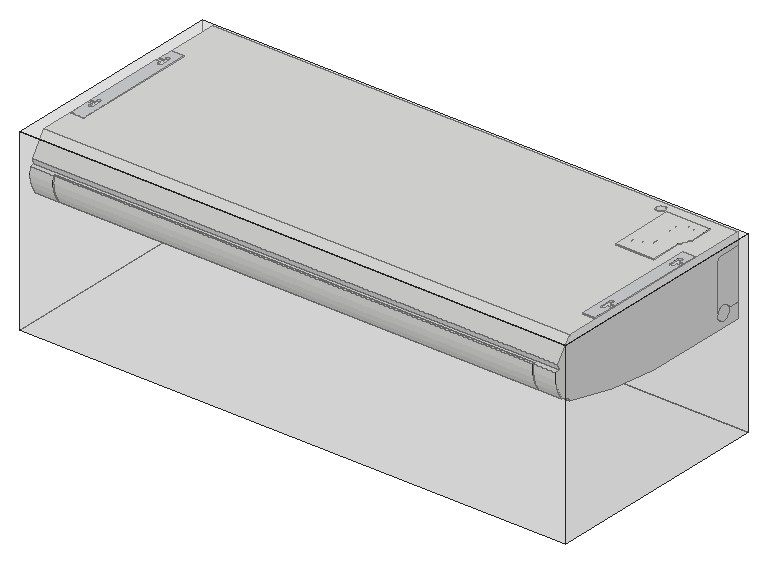
Revit family "outputfile", category 機械設備, Revit 2024
Family settings
  丸型コネクタ寸法 = 半径を使用
  パーツ タイプ = 標準
  OmniClass 番号 = 23.75.10.24.21.27.27
  OmniClass タイトル = Split System Air Conditioning Units
  作業面ベース = いいえ
  常に垂直 = はい
  ロード時にボイドで切り取り = いいえ
  注釈の向きを維持 = いいえ
  共有 = いいえ
  部屋計算ポイント = はい
Parameters (values of type "FHAS38CV2S")
  Description = ""
  製造元 = "Daikin"
  書き出し IFC クラス(タイプ) = "IfcUnitaryEquipmentType"
  定義済み IFC タイプ(タイプ) = "AIRCONDITIONINGUNIT"
  Cost = 0
  モデル = "FHAS38CV2S"
  Type Comments = ""
  Keynote = ""
  Type Image = (empty or 0)
  Assembly Code = ""
  switch_frequency = yes
  r_Liquid Pipe Size = Liquid Pipe Size / 2  # 4.75 mm
  r_Gas Pipe Size = Gas Pipe Size / 2  # 7.95 mm
  r_Drain Pipe Size = Drain Pipe Size / 2  # 10.0 mm
  l_powersupply [instance] = if(Rear Right Connection_powersupply, 29.0 mm, 175.0 mm)  # 29.0 mm
  h_mountinghole = 2.0 mm  # constant formula
  connector_voltage = Voltage_50Hz  # 220 V
  connector_powerinput = [Power Input (Cooling)]  # 0.000 kW
  connector_phase = Phase_50Hz  # 1
  angle_vertical_powersupply [instance] = if(Rear Right Connection_powersupply, 90.00°, 180.00°)  # 90.00°
  angle_vertical_drainpipe [instance] = if(or(Left Connection_drainpipe, Right Connection_drainpipe), 90.00°, if(Top Connection_drainpipe, 180.00°, -90.00°))  # -90.00°
  angle_horizontal_powersupply [instance] = if(Rear Right Connection_powersupply, 180.00°, 0.00°)  # 180.00°
  angle_horizontal_drainpipe [instance] = if(Right Connection_drainpipe, 90.00°, if(Left Connection_drainpipe, -90.00°, 0.00°))  # 0.00°
  Voltage_comment_50Hz = "220 - 240"
  Voltage_50Hz = 220 V
  URL = ""
  Top Connection_refrigerant [instance] = no
  Top Connection_powersupply [instance] = not(Rear Right Connection_powersupply)  # no
  Right Connection_refrigerant [instance] = no
  Rear Right Connection_refrigerant [instance] = yes
  Phase_50Hz = 1
  Minimum Circuit Amps_50Hz = 0.0 A
  Maximum Fuse Amps_50Hz = 0.0 A
  Material_Casing = DAIKIN_White_Casing_indoorunit
  lw_powersupply [instance] = if(Rear Right Connection_powersupply, 220.0 mm, 210.0 mm)  # 220.0 mm
  lw_mountinghole_pitch = Width - 40.0 mm  # 1550.0 mm
  lw_mountinghole = 20.0 mm  # constant formula
  lw_liquidpipe [instance] = if(Right Connection_refrigerant, 156.0 mm, if(Top Connection_refrigerant, 156.0 mm, 136.0 mm))  # 136.0 mm
  lw_gaspipe = 105.0 mm  # constant formula
  lw_drainpipe [instance] = if(Top Connection_drainpipe, 102.0 mm, if(Width = 960.0 mm, if(or(Left Connection_drainpipe, Rear Left Connection_drainpipe), 884.0 mm, 83.0 mm), if(Width = 1270.0 mm, if(or(Left Connection_drainpipe, Rear Left Connection_drainpipe), 1194.0 mm, 83.0 mm), if(Width = 1590.0 mm, if(or(Left Connection_drainpipe, Rear Left Connection_drainpipe), 1514.0 mm, 83.0 mm), 83.0 mm))))  # 83.0 mm
  lh_powersupply = 175.0 mm  # constant formula
  lh_liquidpipe [instance] = if(Rear Right Connection_refrigerant, 160.0 mm, 131.0 mm)  # 160.0 mm
  lh_gaspipe [instance] = if(Rear Right Connection_refrigerant, 150.0 mm, 91.0 mm)  # 150.0 mm
  lh_drainpipe = 197.0 mm  # constant formula
  l_antena = 1.0 mm  # constant formula
  ld_powersupply = 30.0 mm  # constant formula
  ld_mountinghole_pitch = 260.0 mm  # constant formula
  ld_mountinghole = 210.0 mm  # constant formula
  ld_liquidpipe [instance] = if(Right Connection_refrigerant, 57.0 mm, if(Top Connection_refrigerant, 189.0 mm, 221.0 mm))  # 221.0 mm
  ld_gaspipe [instance] = if(Right Connection_refrigerant, 57.0 mm, if(Top Connection_refrigerant, 163.0 mm, 214.0 mm))  # 214.0 mm
  ld_drainpipe [instance] = if(or(Left Connection_drainpipe, Right Connection_drainpipe), 57.0 mm, if(Top Connection_drainpipe, 87.0 mm, 268.0 mm))  # 268.0 mm
  l_liquidpipe_length [instance] = if(Right Connection_refrigerant, 156.0 mm, if(Top Connection_refrigerant, 131.0 mm, 220.0 mm))  # 220.0 mm
  l_gaspipe_length [instance] = if(Right Connection_refrigerant, 105.0 mm, if(Top Connection_refrigerant, 91.0 mm, 213.0 mm))  # 213.0 mm
  l_drainpipe_length [instance] = if(Right Connection_drainpipe, 83.0 mm, if(Top Connection_drainpipe, 197.0 mm, if(Left Connection_drainpipe, 76.0 mm, 267.0 mm)))  # 267.0 mm
  h*** = 0.0 mm  # constant formula
  angle_vertical [instance] = if(Right Connection_refrigerant, 90.00°, if(Top Connection_refrigerant, 180.00°, -90.00°))  # -90.00°
  angle_horizontal [instance] = if(Right Connection_refrigerant, 90.00°, 0.00°)  # 0.00°
  Width = 1590.0 mm
  Version = "ver.1.0"
  Unit Type = "Ceiling"
  Unit Mass Weight = 38.00 kg
  Unit Designation [instance] = ""
  Uniclass2015Version = "Products v1.30"
  Uniclass2015Title = "Split coil room air conditioning units"
  Uniclass2015Code = "Pr_70_65_03_86"
  Total Cooling Capacity [instance] = 0.000 kW
  Top Connection_drainpipe [instance] = no
  Sound Pressure Level_M speed (dBA) = 41
  Sound Pressure Level_L speed (dBA) = 37
  Sound Pressure Level_H speed (dBA) = 44
  Series = "SkyAir_Fan Coil Unit"
  Sensible Cooling Capacity [instance] = 0.000 kW
  Rear Right Connection_drainpipe [instance] = yes
  Rear Right Connection_powersupply [instance] = yes
  Right Connection_drainpipe [instance] = no
  Refrigerant Type = "R32"
  Power Input (Cooling) = 0.000 kW
  Option Accessory 3 [instance] = ""
  Option Accessory 2 [instance] = ""
  Option Accessory 1 [instance] = ""
  Nominal Cooling Capacity = 11.300 kW
  Minimum Airflow = 1380.00 m³/h
  Median Airflow = 1620.00 m³/h
  Maximum Airflow = 1860.00 m³/h
  Load Classification = HVAC
  Liquid Pipe Size = 9.5 mm
  Link_Nested Family [instance] = ""
  Rear Left Connection_drainpipe [instance] = no
  Left Connection_drainpipe [instance] = no
  IfcVersion = ""
  IfcExportType = "AIRCONDITIONINGUNIT"
  IfcExportAs = "IfcUnitaryEquipmentType"
  Height = 235.0 mm
  Heat Exchanger Type = "Cross Fin Coil"
  Gas Pipe Size = 15.9 mm
  Frequency_50Hz = 50 Hz
  Fan Type = "Sirocco Fan"
  Fan Drive = "Direct Drive"
  FCU Tag No. [instance] = ""
  Drain Pipe Size = 20.0 mm
  Design Supply Airflow [instance] = 0.00 m³/h
  Design Outdoor Airflow [instance] = 0.00 m³/h
  Depth = 690.0 mm
  既定の高さ = 0.0 mm
  Cooling Entering Wet Bulb Temperature [instance] = 0.00 °C
  Cooling Entering Dry Bulb Temperature [instance] = 0.00 °C
  Cooling Ambient Wet Bulb Temperature [instance] = 0.00 °C
  Cooling Ambient Dry Bulb Temperature [instance] = 0.00 °C
  Clearance visibility [instance] = yes
  Clearance Top = 5.0 mm
  Clearance Right = 30.0 mm
  Clearance Rear = 0.0 mm
  Clearance Left = 30.0 mm
  Clearance Front = 0.0 mm
  Clearance Bottom = 300.0 mm
Reference planes
  plane 1 "Back": y = 0
  plane 2: z = 0
  plane 3 "Center (Left/Right)": x = 0
  plane 4 "Center (Front/Back)": y = -1
  plane 5 "Front": y = -690
  plane 6 "Left": x = -795
  plane 7 "Right": x = 795
  plane 8 "Top": z = 0
  plane 9 "Bottom": z = -235
  plane 10: y = -690
  plane 11: x = -825
  plane 12: x = 825
  plane 13: z = 5
  plane 14: z = -535
  plane 15: y = 0
  plane 16 "lw_mountinghole": x = -775
  plane 17 "lw_mountinghole2": x = 775
  plane 18 "ld_mountinghole": y = -210
  plane 19 "ld_mountinghole2": y = -470
  plane 20 "lw_gaspipe": x = 690
  plane 21 "ld_gaspipe": y = -214
  plane 22 "lh_gaspipe": z = -150
  plane 23 "lw_liquidpipe": x = 659
  plane 24 "ld_liquidpipe": y = -221
  plane 25 "lh_liquidpipe": z = -160
  plane 26 "ld_drainpipe": y = -268
  plane 27 "lw_drainpipe": x = 712
  plane 28 "lh_drainpipe": z = -197
  plane 29 "lw_powersupply": x = 575
  plane 30 "lh_powersupply": z = -175
  plane 31 "ld_powersupply": y = -30
  plane 32: x = -725.5
  plane 33: x = 725.5
  plane 34: x = -750
  plane 35: x = 750
  plane 36: x = -2
  plane 37: x = 2
Forms (mm)
  Extrusion 1, solid, material "DAIKIN_White_Casing_indoorunit" <- "Material_Casing"
    sketch origin (0, 0, 0) x (0, 1, 0) y (0, 0, 1)
      loop
        line (-639.277, 0) -> (-680.876, -61.699) -> (-675.026, -77.772)
        arc (-675.026, -77.772) -> (-681.815, -78.743) -> (-688.601, -79.732) r 2634.132
        arc (-688.601, -79.732) -> (-687.018, -121.096) -> (-669.159, -158.439) r 102.2
        line (-669.159, -158.439) -> (-639.858, -169.325) -> (-635.895, -178.261)
        arc (-635.895, -178.261) -> (-479.121, -215.759) -> (-319.077, -235) r 1400.997
        line (-319.077, -235) -> (-1, -235) -> (-1, 0) -> (-639.277, 0)
    from -795 to 795
  Extrusion 2, solid, material "DAIKIN_White_Casing_indoorunit" <- "Material_Casing"
    sketch origin (0, 0, 0) x (0, 1, 0) y (0, 0, 1)
      loop
        arc (-688.601, -79.732) -> (-687.018, -121.096) -> (-669.159, -158.439) r 102.2
        line (-669.159, -158.439) -> (-665.589, -154.869)
        arc (-665.589, -154.869) -> (-682.432, -118.783) -> (-683.39, -78.971) r 97.2
        arc (-683.39, -78.971) -> (-685.996, -79.351) -> (-688.601, -79.732) r 2634.132
    from -725.5 to 725.5
  Extrusion 3, void
    sketch origin (0, 0, 0) x (0, 1, 0) y (0, 0, 1)
      loop
        line (-301.098, -235) -> (-21.098, -235) -> (-21.098, -230) -> (-301.098, -230) -> (-301.098, -235)
    from -750 to 750
  Extrusion 4, solid, material "DAIKIN_White_Grille_indoorunit"
    sketch origin (0, 0, 0) x (0, 1, 0) y (0, 0, 1)
      loop
        line (-20.098, -230) -> (-301.098, -230) -> (-301.098, -235) -> (-20.098, -235) -> (-20.098, -230)
    from -750 to -2
  Extrusion 5, solid, material "DAIKIN_White_Casing_indoorunit" <- "Material_Casing"
    sketch origin (0, 0, 0) x (1, 0, 0) y (0, 0, 1)
      loop
        line (602, -63) -> (602, -178) -> (673, -220) -> (736, -220) -> (736, -63) -> (602, -63)
    from 0 to 1
  Extrusion 6, solid, material "DAIKIN_White_Casing_indoorunit" <- "Material_Casing"
    sketch origin (0, 0, 0) x (-1, 0, 0) y (0, -1, 0)
      loop
        line (-607, 35) -> (-607, 230) -> (-723, 230) -> (-723, 135) -> (-738, 105) -> (-738, 35) -> (-607, 35)
    from 0 to 1.9
  Extrusion 7, void
    sketch origin (795, 0, 0) x (0, 1, 0) y (0, 0, 1)
      loop
        arc (-79.5, -195) -> (-55.446, -217.446) -> (-34.715, -191.9) r 22.5
        line (-34.715, -191.9) -> (-1, -191.9) -> (-1, -190.1) -> (-35.04, -190.1)
        arc (-35.04, -190.1) -> (-54.942, -172.594) -> (-77.7, -186.182) r 22.5
        line (-77.7, -186.182) -> (-77.7, -43)
        arc (-77.7, -43) -> (-76.528, -40.172) -> (-73.7, -39) r 4
        line (-73.7, -39) -> (-1, -39) -> (-1, -37.2) -> (-73.7, -37.2)
        arc (-73.7, -37.2) -> (-77.801, -38.899) -> (-79.5, -43) r 5.8
        line (-79.5, -43) -> (-79.5, -195)
      loop
        circle (-57, -195) r 20.7
    from 0 to -10
  Extrusion 8, void
    sketch origin (-1444.026, -1, 1200) x (1, 0, 0) y (0, 0, 1)
      loop
        arc (715.026, -1375) -> (704.42, -1379.393) -> (700.026, -1390) r 15
        line (700.026, -1390) -> (700.026, -1400)
        arc (700.026, -1400) -> (704.42, -1410.607) -> (715.026, -1415) r 15
        line (715.026, -1415) -> (745.026, -1415)
        arc (745.026, -1415) -> (755.633, -1410.607) -> (760.026, -1400) r 15
        line (760.026, -1400) -> (760.026, -1390)
        arc (760.026, -1390) -> (755.633, -1379.393) -> (745.026, -1375) r 15
        line (745.026, -1375) -> (715.026, -1375)
    from 0 to 10
  Extrusion 9, void
    sketch origin (-795, 0, 0) x (0, 1, 0) y (0, 0, 1)
      loop
        circle (-57, -197) r 22.5
    from 0 to 10
  Extrusion 10, void
    sketch origin (-1444.026, -1, 1200) x (1, 0, 0) y (0, 0, 1)
      loop
        circle (2136.026, -1375) r 44
    from 0 to 10
  Extrusion 11, void
    sketch origin (0, 0, 0) x (-1, 0, 0) y (0, -1, 0)
      loop
        circle (-693, 87) r 30
    from 0 to -10
  Extrusion 12, void
    sketch origin (0, 0, 0) x (-1, 0, 0) y (0, -1, 0)
      loop
        circle (-690, 163) r 18
    from 0 to -10
  Extrusion 13, void
    sketch origin (0, 0, 0) x (-1, 0, 0) y (0, -1, 0)
      loop
        circle (-639, 189) r 13
    from 0 to -10
  Extrusion 14, void
    sketch origin (-1444.026, -1, 1200) x (1, 0, 0) y (0, 0, 1)
      loop
        circle (2019.026, -1375) r 14.5
    from 0 to 10
  Extrusion 15, void
    sketch origin (0, 0, 0) x (-1, 0, 0) y (0, -1, 0)
      loop
        circle (-585, 30) r 14.5
    from 0 to -10
  Extrusion 16, void
    sketch origin (795, 0, 0) x (0, 1, 0) y (0, 0, 1)
      loop
        arc (-665.589, -154.869) -> (-682.432, -118.783) -> (-683.39, -78.971) r 97.2
        arc (-683.39, -78.971) -> (-685.996, -79.351) -> (-688.601, -79.732) r 2634.132
        arc (-688.601, -79.732) -> (-687.018, -121.096) -> (-669.159, -158.439) r 102.2
        line (-669.159, -158.439) -> (-665.589, -154.869)
    from -69.5 to -1520.5
  Extrusion 17, solid, material "DAIKIN_White_Casing_indoorunit" <- "Material_Casing"
    sketch origin (-795, 0, 0) x (0, 1, 0) y (0, 0, 1)
      loop
        circle (-57, -197) r 22.5
    from 0 to 10
  Extrusion 18, solid, material "DAIKIN_White_Grille_indoorunit"
    sketch origin (780, 0, 0) x (0, 1, 0) y (0, 0, 1)
      loop
        line (-20.098, -230) -> (-301.098, -230) -> (-301.098, -235) -> (-20.098, -235) -> (-20.098, -230)
    from -782 to -778
  Extrusion 19, solid, material "DAIKIN_White_Grille_indoorunit"
    sketch origin (0, 0, 0) x (0, 1, 0) y (0, 0, -1)
      loop
        line (-20.098, 230) -> (-20.098, 235) -> (-301.098, 235) -> (-301.098, 230) -> (-20.098, 230)
    from -750 to -2
Cuts and joins
  Extrusion 3, Extrusion 7, Extrusion 8, Extrusion 9, Extrusion 10, Extrusion 11, Extrusion 12, Extrusion 13, Extrusion 14, Extrusion 15, Extrusion 16 cuts Extrusion 1
Lines and regions (mm)
  reference lines
    curve 1: line (795, -580.282, -192.75) -> (795, -551.225, -200.21)
Dimensions and locks
  equal spacing: plane 6 "Left", plane 3 "Center (Left/Right)", plane 7 "Right"
  "Width": plane 6 "Left" to plane 7 "Right"
  "Depth": plane 5 "Front" to plane 1 "Back"
  "Height": plane 8 "Top" to plane 9 "Bottom"
  "Clearance Front": plane 10 to plane 5 "Front"
  "Clearance Left": plane 11 to plane 6 "Left"
  "Clearance Right": plane 7 "Right" to plane 12
  "Clearance Top": plane 13 to plane 8 "Top"
  "Clearance Bottom": plane 9 "Bottom" to plane 14
  "Clearance Rear": plane 1 "Back" to plane 15
  locked: plane 4 "Center (Front/Back)" to plane 1 "Back" at 1
  locked: Extrusion 1 sketch curve to Extrusion 1 sketch curve at 235
  locked: Extrusion 1 sketch curve to Extrusion 1 sketch curve at 318.077
  locked: Extrusion 1 sketch curve to Extrusion 1 sketch curve at 1163.297
  locked: Extrusion 1 sketch curve to Extrusion 1 sketch curve at 231.144
  Extrusion 3 sketch curve to Extrusion 3 sketch curve to plane 1 "Back" = 280.0 mm locked, 21.098 mm locked
  "ld_mountinghole": plane 18 "ld_mountinghole" to plane 1 "Back"
  "ld_mountinghole_pitch": plane 18 "ld_mountinghole" to plane 19 "ld_mountinghole2"
  "lw_mountinghole_pitch": plane 16 "lw_mountinghole" to plane 17 "lw_mountinghole2"
  "lw_mountinghole": plane 6 "Left" to plane 16 "lw_mountinghole"
  "lw_gaspipe": plane 20 "lw_gaspipe" to plane 7 "Right"
  "ld_gaspipe": plane 1 "Back" to plane 21 "ld_gaspipe"
  "lw_liquidpipe": plane 23 "lw_liquidpipe" to plane 7 "Right"
  "ld_liquidpipe": plane 1 "Back" to plane 24 "ld_liquidpipe"
  "lw_drainpipe": plane 27 "lw_drainpipe" to plane 7 "Right"
  "ld_drainpipe": plane 26 "ld_drainpipe" to plane 1 "Back"
  plane 8 "Top" to Extrusion 5 sketch curve to Extrusion 5 sketch curve = 63.0 mm locked, 157.0 mm locked
  plane 7 "Right" to Extrusion 5 sketch curve to Extrusion 5 sketch curve = 59.0 mm locked, 134.0 mm locked
  locked: Extrusion 5 sketch curve to Extrusion 5 sketch curve at 115
  locked: Extrusion 5 sketch curve to Extrusion 5 sketch curve at 63
  locked: Extrusion 6 sketch curve to Extrusion 6 sketch curve at 195
  locked: Extrusion 6 sketch curve to Extrusion 6 sketch curve at 116
  locked: Extrusion 6 sketch curve to Extrusion 6 sketch curve at 131
  locked: Extrusion 6 sketch curve to Extrusion 6 sketch curve at 100
  locked: Extrusion 6 sketch curve to plane 1 "Back" at 35
  locked: Extrusion 6 sketch curve to plane 7 "Right" at 57
  locked: Extrusion 8 sketch curve to Extrusion 8 sketch curve at 40
  locked: Extrusion 8 sketch curve to Extrusion 8 sketch curve at 60
  locked: plane 8 "Top" to Extrusion 8 sketch curve at 175
  locked: Extrusion 8 sketch curve to plane 6 "Left" at 51
  locked: plane 7 "Right" to Extrusion 10 sketch curve at 103
  locked: plane 8 "Top" to Extrusion 10 sketch curve at 175
  locked: Extrusion 11 sketch curve to plane 1 "Back" at 87
  locked: Extrusion 11 sketch curve to plane 7 "Right" at 102
  locked: Extrusion 12 sketch curve to plane 1 "Back" at 163
  locked: Extrusion 12 sketch curve to plane 7 "Right" at 105
  locked: Extrusion 13 sketch curve to plane 1 "Back" at 189
  locked: Extrusion 13 sketch curve to plane 7 "Right" at 156
  "lw_powersupply": plane 29 "lw_powersupply" to plane 7 "Right"
  "lh_gaspipe": plane 8 "Top" to plane 22 "lh_gaspipe"
  "lh_liquidpipe": plane 8 "Top" to plane 25 "lh_liquidpipe"
  "lh_powersupply": plane 8 "Top" to plane 30 "lh_powersupply"
  "lh_drainpipe": plane 8 "Top" to plane 28 "lh_drainpipe"
  "ld_powersupply": plane 1 "Back" to plane 31 "ld_powersupply"
  locked: plane 8 "Top" to Extrusion 7 sketch curve at 195
  locked: Extrusion 7 sketch curve to plane 1 "Back" at 57
  locked: plane 9 "Bottom" to Extrusion 7 sketch curve at 43.1
  locked: Extrusion 7 sketch curve to plane 8 "Top" at 39
  locked: Extrusion 7 sketch curve to plane 1 "Back" at 79.5
  locked: Extrusion 9 sketch curve to plane 1 "Back" at 57
  locked: plane 8 "Top" to Extrusion 9 sketch curve at 197
  locked: Extrusion 17 sketch curve to plane 1 "Back" at 57
  locked: plane 8 "Top" to Extrusion 17 sketch curve at 197
  locked: plane 7 "Right" to Extrusion 14 sketch curve at 220
  locked: plane 8 "Top" to Extrusion 14 sketch curve at 175
  locked: Extrusion 15 sketch curve to plane 7 "Right" at 210
  locked: Extrusion 15 sketch curve to plane 1 "Back" at 30
  locked: curve 1 to plane 9 "Bottom" at 34.79
  locked: curve 1 to plane 9 "Bottom" at 42.25
  locked: plane 6 "Left" to plane 32 at 69.5
  locked: plane 33 to plane 7 "Right" at 69.5
  locked: plane 35 to plane 7 "Right" at 45
  locked: plane 6 "Left" to plane 34 at 45
  plane 36 to plane 3 "Center (Left/Right)" to plane 37 = 2.0 mm locked, 2.0 mm locked
  locked: curve 1 to plane 9 "Bottom" (angle 14.40°)
  aligned and locked: level to plane 2
  aligned and locked: nested 1 to plane 11
  aligned and locked: nested 1 to plane 12
  aligned and locked: nested 1 to plane 10
  aligned and locked: plane 13 to nested 1
  aligned and locked: plane 14 to nested 1
  aligned and locked: plane 15 to nested 1
  aligned and locked: Extrusion 1 sketch curve to plane 8 "Top"
  aligned and locked: Extrusion 2 sketch curve to Extrusion 1  (x2)
  aligned and locked: plane 7 "Right" to Extrusion 1
  aligned and locked: Extrusion 1 to plane 6 "Left"
  aligned and locked: cut or joined group 1 (Extrusion 1, Extrusion 3, Extrusion 7, Extrusion 8, Extrusion 9, Extrusion 10, Extrusion 11, Extrusion 12, Extrusion 13, Extrusion 14, Extrusion 15, Extrusion 16) to Extrusion 3 sketch curve
  aligned and locked: cut or joined group 1 to Extrusion 4 sketch curve
  aligned and locked: Extrusion 5 to plane 4 "Center (Front/Back)"
  aligned and locked: Extrusion 7 sketch curve to plane 4 "Center (Front/Back)"
  aligned and locked: Extrusion 16 sketch curve to Extrusion 2  (x4)
  aligned and locked: Extrusion 16 to Extrusion 2  (x2)
  aligned and locked: nested 2 to plane 26 "ld_drainpipe"
  aligned and locked: plane 27 "lw_drainpipe" to nested 2
  aligned and locked: plane 20 "lw_gaspipe" to nested 3
  aligned and locked: nested 3 to plane 21 "ld_gaspipe"
  aligned and locked: plane 23 "lw_liquidpipe" to nested 4
  aligned and locked: nested 4 to plane 24 "ld_liquidpipe"
  aligned and locked: plane 25 "lh_liquidpipe" to nested 4
  aligned and locked: Extrusion 4 sketch curve to cut or joined group 1
  aligned and locked: nested 5 to plane 31 "ld_powersupply"
  aligned and locked: plane 29 "lw_powersupply" to nested 5
  aligned and locked: nested 7 to plane 18 "ld_mountinghole"
  aligned and locked: plane 16 "lw_mountinghole" to nested 7
  aligned and locked: nested 6 to plane 19 "ld_mountinghole2"
  aligned and locked: plane 16 "lw_mountinghole" to nested 6
  aligned and locked: nested 9 to plane 18 "ld_mountinghole"
  aligned and locked: plane 17 "lw_mountinghole2" to nested 9
  aligned and locked: plane 17 "lw_mountinghole2" to nested 8
  aligned and locked: nested 8 to plane 19 "ld_mountinghole2"
  aligned and locked: nested 10 to curve 1
  aligned and locked: level to plane 8 "Top"
  aligned and locked: cut or joined group 1 to plane 32
  aligned and locked: plane 33 to cut or joined group 1
  aligned and locked: Extrusion 16 to plane 32
  aligned and locked: plane 33 to Extrusion 16
  aligned and locked: Extrusion 4 to plane 34
  aligned and locked: cut or joined group 1 to plane 34
  aligned and locked: plane 34 to Extrusion 4  (x3)
  aligned and locked: plane 16 "lw_mountinghole" to nested 11
  aligned and locked: plane 17 "lw_mountinghole2" to nested 12
  aligned and locked: plane 36 to Extrusion 4
  aligned and locked: Extrusion 18 to plane 36
  aligned and locked: plane 37 to Extrusion 18
  aligned and locked: Extrusion 19 to plane 37
  aligned and locked: plane 37 to Extrusion 19
  aligned and locked: plane 35 to Extrusion 19
  aligned and locked: plane 35 to cut or joined group 1
  aligned and locked: Extrusion 4 to cut or joined group 1
  aligned and locked: cut or joined group 1 to Extrusion 18
  aligned and locked: cut or joined group 1 to Extrusion 19
Automatic sketch dimensions
  Extrusion 1 sketch curve to plane 4 "Center (Front/Back)" = 0.0 mm
  Extrusion 1 sketch curve to plane 5 "Front" = 102.2 mm
  Extrusion 1 sketch curve to plane 30 "lh_powersupply" = 3.261 mm
  Extrusion 1 sketch curve to plane 5 "Front" = 50.723 mm
  plane 30 "lh_powersupply" to Extrusion 1 sketch curve = 5.675 mm
  Extrusion 1 sketch curve to Extrusion 1 sketch curve = 3.963 mm
  plane 25 "lh_liquidpipe" to Extrusion 1 sketch curve = 1.561 mm
  Extrusion 1 sketch curve to plane 5 "Front" = 20.841 mm
  Extrusion 1 sketch curve to plane 5 "Front" = 14.974 mm
  Extrusion 1 sketch curve to plane 5 "Front" = 9.124 mm
  Extrusion 1 sketch curve to plane 26 "ld_drainpipe" = 37.278 mm
  Extrusion 1 sketch curve to plane 14 = 2150.825 mm
  plane 22 "lh_gaspipe" to Extrusion 1 sketch curve = 53.413 mm
  Extrusion 1 sketch curve to level = 77.772 mm
  Extrusion 1 sketch curve to Extrusion 1 sketch curve = 16.072 mm
  Extrusion 2 sketch curve to Extrusion 2 sketch curve = 0.0 mm  (x2)
  plane 25 "lh_liquidpipe" to Extrusion 2 sketch curve = 1.561 mm
  Extrusion 2 sketch curve to plane 22 "lh_gaspipe" = 4.869 mm
  Extrusion 2 sketch curve to Extrusion 2 sketch curve = 3.57 mm
  Extrusion 3 sketch curve to Extrusion 3 sketch curve = 5.0 mm
  plane 31 "ld_powersupply" to Extrusion 4 sketch curve = 9.902 mm
  Extrusion 4 sketch curve to Extrusion 4 sketch curve = 5.0 mm
  Extrusion 6 sketch curve to Extrusion 6 sketch curve = 30.0 mm
  Extrusion 7 sketch curve to Extrusion 7 sketch curve = 0.0 mm  (x6)
  Extrusion 7 sketch curve to plane 4 "Center (Front/Back)" = 0.0 mm  (x2)
  Extrusion 7 sketch curve to Extrusion 7 sketch curve = 1.8 mm  (x2)
  Extrusion 7 sketch curve to Extrusion 7 sketch curve = 4.0 mm
  Extrusion 7 sketch curve to Extrusion 7 sketch curve = 0.325 mm
  Extrusion 8 sketch curve to plane 32 = 3.5 mm  (x2)
  Extrusion 8 sketch curve to plane 28 "lh_drainpipe" = 3.0 mm
  Extrusion 8 sketch curve to Extrusion 8 sketch curve = 15.0 mm
  curve 1 to plane 5 "Front" = 109.718 mm
  Extrusion 18 sketch curve to plane 9 "Bottom" = 0.0 mm
  plane 9 "Bottom" to Extrusion 18 sketch curve = 5.0 mm
  Extrusion 18 sketch curve to plane 26 "ld_drainpipe" = 33.098 mm
  plane 31 "ld_powersupply" to Extrusion 18 sketch curve = 9.902 mm
  Extrusion 19 sketch curve to plane 9 "Bottom" = 0.0 mm
  plane 9 "Bottom" to Extrusion 19 sketch curve = 5.0 mm
  Extrusion 19 sketch curve to plane 26 "ld_drainpipe" = 33.098 mm
  plane 31 "ld_powersupply" to Extrusion 19 sketch curve = 9.902 mm
  radius of Extrusion 7 sketch curve = 20.7 mm
  radius of Extrusion 9 sketch curve = 22.5 mm
  radius of Extrusion 10 sketch curve = 44.0 mm
  radius of Extrusion 11 sketch curve = 30.0 mm
  radius of Extrusion 12 sketch curve = 18.0 mm
  radius of Extrusion 13 sketch curve = 13.0 mm
  radius of Extrusion 14 sketch curve = 14.5 mm
  radius of Extrusion 15 sketch curve = 14.5 mm
  radius of Extrusion 17 sketch curve = 22.5 mm
Nested families
  nested 1: "daikin_clearancespace" at (0, -345, -264.881), visible <- "Clearance visibility", show <- "Clearance visibility", Link_Nested Family <- "Link_Nested Family", type "daikin_clearancespace"
    with width 1650.0 mm, show yes, height 540.0 mm, depth 690.0 mm, Link_Nested Family ""
  nested 2: "daikin_connector_rotate3" at (712, -268, -197), radius <- "r_Drain Pipe Size", angle_vertical <- "angle_vertical_drainpipe", angle_horizontal <- "angle_horizontal_drainpipe", length <- "l_drainpipe_length", type "daikin_connector_rotate3"
    with show no, radius 10.0 mm, length 267.0 mm, angle_vertical -90.00°, angle_horizontal 0.00°
  nested 3: "daikin_connector_rotate3" at (690, -214, -150), radius <- "r_Gas Pipe Size", angle_vertical <- "angle_vertical", angle_horizontal <- "angle_horizontal", length <- "l_gaspipe_length", type "daikin_connector_rotate3"
    with show no, radius 7.95 mm, length 213.0 mm, angle_vertical -90.00°, angle_horizontal 0.00°
  nested 4: "daikin_connector_rotate3" at (659, -221, -160), radius <- "r_Liquid Pipe Size", angle_vertical <- "angle_vertical", angle_horizontal <- "angle_horizontal", length <- "l_liquidpipe_length", type "daikin_connector_rotate3"
    with show no, radius 4.75 mm, length 220.0 mm, angle_vertical -90.00°, angle_horizontal 0.00°
  nested 5: "daikin_connector_rotate3" at (575, -30, -175), length <- "l_powersupply", angle_vertical <- "angle_vertical_powersupply", angle_horizontal <- "angle_horizontal_powersupply", type "daikin_connector_rotate3"
    with show no, radius 10.0 mm, length 29.0 mm, angle_vertical 90.00°, angle_horizontal 180.00°
  nested 6: "daikin_mountinghole" at (-775, -470, 0), l_antenna <- "l_antena", Link_Nested Family <- "Link_Nested Family", h_mountinghole <- "h_mountinghole", type "daikin_mountinghole"
    with show yes, l_antenna 1.0 mm, h_mountinghole 2.0 mm, Link_Nested Family ""
  nested 7: "daikin_mountinghole" at (-775, -210, 0), l_antenna <- "l_antena", Link_Nested Family <- "Link_Nested Family", h_mountinghole <- "h_mountinghole", type "daikin_mountinghole"
    with show yes, l_antenna 1.0 mm, h_mountinghole 2.0 mm, Link_Nested Family ""
  nested 8: "daikin_mountinghole" at (775, -470, 0), l_antenna <- "l_antena", Link_Nested Family <- "Link_Nested Family", h_mountinghole <- "h_mountinghole", type "daikin_mountinghole"
    with show yes, l_antenna 1.0 mm, h_mountinghole 2.0 mm, Link_Nested Family ""
  nested 9: "daikin_mountinghole" at (775, -210, 0), Link_Nested Family <- "Link_Nested Family", l_antenna <- "l_antena", h_mountinghole <- "h_mountinghole", type "daikin_mountinghole"
    with show yes, l_antenna 1.0 mm, h_mountinghole 2.0 mm, Link_Nested Family ""
  nested 10: "daikin_logo_plane_w40" at (647.963, -559.801, -198.008) x (1, 0, 0) z (0, -0.2487, -0.9686), type "daikin_logo_plane_w40"
    with show_logo yes
  nested 11: "daikin_hangerfixture_FHAS-CV2S" at (-775, 0, 0), type "daikin_hangerfixture_FHAS-CV2S"
    with width 38.0 mm, height 2.0 mm, depth 380.0 mm
  nested 12: "daikin_hangerfixture_FHAS-CV2S" at (775, 0, 0) x (-1, 0, 0) z (0, 0, 1), type "daikin_hangerfixture_FHAS-CV2S"
    with width 38.0 mm, height 2.0 mm, depth 380.0 mm
Connectors
  piping at (712, -1, -197), diameter 20, driven by "r_Drain Pipe Size"
    settings: on nested 2, index 1, connector inside diameter 609.6 mm, connector length 0.0 mm, flow factor 0, pipe flow 0.00 m³/h, pressure drop 0.0 Pa, fitting loss kfactor 0, connector angle 0.00°, fixture units 0, engagement length 0.0 mm, angle of deflection 0.00°, flow configuration 1, flow direction 2, fitting loss method 4, system type 16, joint type 0, gender type 0, connector reference index -1, connector utility 0, adjustable connector no, is connector primary yes, connector description "Condensate Drain Piping"
  piping at (690, -1, -150), diameter 15.9, driven by "r_Gas Pipe Size"
    settings: on nested 3, index 3, connector inside diameter 609.6 mm, connector length 0.0 mm, flow factor 0, pipe flow 0.00 m³/h, pressure drop 0.0 Pa, fitting loss kfactor 0, connector angle 0.00°, fixture units 0, engagement length 0.0 mm, angle of deflection 0.00°, flow configuration 1, flow direction 2, fitting loss method 0, system type 29, joint type 0, gender type 0, connector reference index -1, connector utility 0, adjustable connector no, is connector primary no, connector description "Refrigerant Gas Piping"
  piping at (659, -1, -160), diameter 9.5, driven by "r_Liquid Pipe Size"
    settings: on nested 4, index 4, connector inside diameter 609.6 mm, connector length 0.0 mm, flow factor 0, pipe flow 0.00 m³/h, pressure drop 0.0 Pa, fitting loss kfactor 0, connector angle 0.00°, fixture units 0, engagement length 0.0 mm, angle of deflection 0.00°, flow configuration 1, flow direction 1, fitting loss method 0, system type 29, joint type 0, gender type 0, connector reference index -1, connector utility 0, adjustable connector no, is connector primary no, connector description "Refrigerant Liquid Piping"
  electrical at (575, -1, -175), driven by "Load Classification", driven by "connector_powerinput", driven by "connector_voltage", driven by "connector_phase"
    settings: on nested 5, index 6, voltage 220 V, apparent load 0 VA, apparent load phase1 0 VA, apparent load phase2 0 VA, apparent load phase3 0 VA, power factor 1, load classification "HVAC", number of poles 1, system type 30, power factor state 1, is connector primary yes, connector utility no, sub classification motor no, connector description "Power Supply"
Definition of nested family "daikin_clearancespace"
  Parameters (values of type "daikin_clearancespace")
    Description = "daikin_clearancespace"
    width [instance] = 1823.963 mm
    show [instance] = yes
    material = none
    height [instance] = 1359.762 mm
    depth [instance] = 880.0 mm
    Default Elevation = 0.0 mm
    Link_Nested Family [instance] = ""
  Reference planes
    plane 1 "Center (Front/Back)": y = 0
    plane 2 "Center (Elevation)": z = -0.119
    plane 3 "Center (Left/Right)": x = 0
    plane 4: y = 440
    plane 5: y = -440
    plane 6 "Right": x = 911.982
    plane 7 "Left": x = -911.982
    plane 8 "Top": z = 679.762
    plane 9 "Bottom": z = -680
  Forms (mm)
    Extrusion 1, solid, material <- "material", visible <- "show"
      sketch origin (0, 0, 0) x (1, 0, 0) y (0, 1, 0)
        loop
          line (-911.982, 440) -> (-911.982, -440) -> (911.982, -440) -> (911.982, 440) -> (-911.982, 440)
      from -680 to 679.762
  Lines and regions (mm)
    symbolic lines, visible <- "show"
      curve 1: line (911.982, 440, 0) -> (-911.982, 440, 0)
      curve 2: line (-911.982, 440, 0) -> (-911.982, -440, 0)
      curve 3: line (-911.982, -440, 0) -> (911.982, -440, 0)
      curve 4: line (911.982, -440, 0) -> (911.982, 440, 0)
      curve 5: line (911.982, 0, 679.762) -> (-911.982, 0, 679.762)
      curve 6: line (911.982, 0, -680) -> (911.982, 0, 679.762)
      curve 7: line (-911.982, 0, -680) -> (911.982, 0, -680)
      curve 8: line (-911.982, 0, 679.762) -> (-911.982, 0, -680)
      curve 9: line (0, 440, 679.762) -> (0, -440, 679.762)
      curve 10: line (0, -440, 679.762) -> (0, -440, -680)
      curve 11: line (0, 440, -680) -> (0, 440, 679.762)
      curve 12: line (0, -440, -680) -> (0, 440, -680)
  Dimensions and locks
    "width": plane 7 "Left" to plane 6 "Right"
    "depth": plane 4 to plane 5
    "height": plane 8 "Top" to plane 9 "Bottom"
    equal spacing: plane 7 "Left", plane 3 "Center (Left/Right)", plane 6 "Right"
    equal spacing: plane 4, plane 1 "Center (Front/Back)", plane 5
    equal spacing: plane 8 "Top", plane 2 "Center (Elevation)", plane 9 "Bottom"
    aligned and locked: level to plane 2 "Center (Elevation)"
    aligned and locked: Extrusion 1 sketch curve to plane 4
    aligned and locked: plane 7 "Left" to Extrusion 1 sketch curve
    aligned and locked: Extrusion 1 sketch curve to plane 5
    aligned and locked: Extrusion 1 sketch curve to plane 6 "Right"
    aligned and locked: plane 8 "Top" to Extrusion 1
    aligned and locked: curve 1 to Extrusion 1
    aligned and locked: curve 2 to Extrusion 1
    aligned and locked: curve 3 to Extrusion 1
    aligned and locked: curve 4 to Extrusion 1
    aligned and locked: curve 5 to Extrusion 1
    aligned and locked: curve 6 to Extrusion 1
    aligned and locked: curve 7 to Extrusion 1
    aligned and locked: curve 8 to Extrusion 1
    aligned and locked: curve 9 to Extrusion 1
    aligned and locked: curve 10 to Extrusion 1
    aligned and locked: curve 11 to Extrusion 1
    aligned and locked: curve 12 to Extrusion 1
    aligned and locked: Extrusion 1 to plane 9 "Bottom"
Definition of nested family "daikin_logo_plane_w40"
  Parameters (values of type "daikin_logo_plane_w40")
    width = 40.0 mm
    show_logo [instance] = yes
    material = none
    height = 0.0 mm
    depth = 0.0 mm
    Default Elevation = 1219.2 mm
  Reference planes
    plane 1 "Center (Front/Back)": y = 0
    plane 2: z = 0
    plane 3 "Center (Left/Right)": x = 0
    plane 4: z = 2
    plane 5 "left": x = -19
    plane 6: x = 19
  Forms (mm)
    Extrusion 1, solid, visible <- "show_logo"
      sketch origin (-19, 0, 0) x (1, 0, 0) y (0, 1, 0)
        loop
          line (8.902, -1.878) -> (7.789, -6.332) -> (11.13, -6.332)
          arc (11.13, -6.332) -> (12.454, -6.064) -> (13.472, -5.176) r 2.642
          arc (13.472, -5.176) -> (13.92, -4.02) -> (13.767, -2.79) r 2.537
          arc (13.767, -2.79) -> (13.452, -2.342) -> (12.982, -2.06) r 1.321
          arc (12.982, -2.06) -> (12.063, -1.902) -> (11.13, -1.878) r 6.479
          line (11.13, -1.878) -> (8.902, -1.878)
        loop
          line (10.016, -5.441) -> (10.907, -5.441)
          arc (10.907, -5.441) -> (11.591, -4.983) -> (11.988, -4.261) r 1.742
          spline (11.988, -4.261) -> (12.01, -4.155) -> (12.027, -4.03) -> (12.037, -3.893) -> (12.037, -3.747) -> (12.026, -3.598) -> (12.002, -3.451) -> (11.962, -3.31) -> (11.905, -3.181) -> (11.829, -3.069) -> (11.731, -2.978) -> (11.61, -2.913) -> (11.464, -2.88)
          line (11.464, -2.88) -> (10.573, -2.88) -> (10.016, -5.441)
        loop
          line (13.58, -6.332) -> (14.805, -6.332) -> (15.223, -5.553) -> (16.977, -5.553) -> (17.144, -6.332) -> (19.149, -6.332) -> (18.258, -1.878) -> (16.03, -1.878) -> (13.58, -6.332)
        loop
          line (16.476, -3.214) -> (15.76, -4.551) -> (16.762, -4.551) -> (16.476, -3.214)
        loop
          line (19.705, -6.332) -> (21.599, -6.332) -> (22.712, -1.878) -> (20.819, -1.878) -> (19.705, -6.332)
        loop
          line (22.712, -6.332) -> (24.606, -6.332) -> (24.908, -5.122) -> (25.831, -6.332) -> (28.17, -6.332) -> (26.388, -3.994) -> (28.949, -1.878) -> (26.945, -1.878) -> (25.401, -3.153) -> (25.719, -1.878) -> (23.826, -1.878) -> (22.712, -6.332)
        loop
          line (29.84, -1.878) -> (28.615, -6.332) -> (30.62, -6.332) -> (31.734, -1.878) -> (29.84, -1.878)
        loop
          line (31.734, -6.332) -> (33.07, -6.332) -> (33.7, -3.814) -> (34.518, -6.332) -> (36.745, -6.332) -> (37.859, -1.878) -> (36.523, -1.878) -> (35.845, -4.589) -> (34.963, -1.878) -> (32.847, -1.878) -> (31.734, -6.332)
      from 0 to 2
    Extrusion 2, solid, visible <- "show_logo"
      sketch origin (-19, 0, 0) x (1, 0, 0) y (0, 1, 0)
        loop
          line (8.7, 0) -> (4.235, 0) -> (0, -3.879) -> (0, -8) -> (8.7, 0)
      from 0 to 2
    Extrusion 3, solid, visible <- "show_logo"
      sketch origin (-19, 0, 0) x (1, 0, 0) y (0, 1, 0)
        loop
          line (0, 0) -> (0, -3.879) -> (4.235, 0) -> (0, 0)
      from 0 to 2
  Dimensions and locks
    plane 4 to plane 2 = 2.0 mm
    equal spacing: plane 5 "left", plane 3 "Center (Left/Right)", plane 6
    locked: plane 5 "left" to plane 6 at 38
    aligned and locked: level to plane 2
    aligned and locked: Extrusion 3 to plane 1 "Center (Front/Back)"  (x2)
    aligned and locked: Extrusion 2 to plane 1 "Center (Front/Back)"  (x2)
    aligned and locked: plane 4 to Extrusion 1
    aligned and locked: plane 4 to Extrusion 3
    aligned and locked: plane 4 to Extrusion 2
    aligned and locked: Extrusion 3 to plane 5 "left"
    aligned and locked: Extrusion 2 to plane 5 "left"
  Automatic sketch dimensions
    Extrusion 1 sketch curve to Extrusion 1 sketch curve = 0.901 mm
    Extrusion 1 sketch curve to Extrusion 1 sketch curve = 1.559 mm
    Extrusion 1 sketch curve to Extrusion 1 sketch curve = 1.327 mm
    Extrusion 1 sketch curve to Extrusion 1 sketch curve = 2.145 mm
    Extrusion 1 sketch curve to Extrusion 1 sketch curve = 1.448 mm
    Extrusion 1 sketch curve to Extrusion 1 sketch curve = 2.116 mm
    Extrusion 1 sketch curve to Extrusion 1 sketch curve = 1.114 mm  (x4)
    Extrusion 1 sketch curve to Extrusion 1 sketch curve = 1.336 mm  (x2)
    plane 1 "Center (Front/Back)" to Extrusion 1 sketch curve = 1.878 mm  (x5)
    Extrusion 1 sketch curve to Extrusion 1 sketch curve = 1.893 mm  (x5)
    Extrusion 1 sketch curve to Extrusion 1 sketch curve = 0.891 mm  (x4)
    Extrusion 1 sketch curve to Extrusion 1 sketch curve = 2.005 mm  (x3)
    Extrusion 1 sketch curve to Extrusion 1 sketch curve = 0.445 mm  (x2)
    plane 1 "Center (Front/Back)" to Extrusion 1 sketch curve = 3.994 mm
    Extrusion 1 sketch curve to Extrusion 1 sketch curve = 0.557 mm  (x2)
    Extrusion 1 sketch curve to Extrusion 1 sketch curve = 2.339 mm  (x2)
    Extrusion 1 sketch curve to Extrusion 1 sketch curve = 1.225 mm  (x3)
    plane 1 "Center (Front/Back)" to Extrusion 1 sketch curve = 3.153 mm
    Extrusion 1 sketch curve to Extrusion 1 sketch curve = 0.987 mm
    plane 1 "Center (Front/Back)" to Extrusion 1 sketch curve = 5.122 mm
    Extrusion 1 sketch curve to Extrusion 1 sketch curve = 0.922 mm
    plane 1 "Center (Front/Back)" to Extrusion 1 sketch curve = 6.332 mm
    Extrusion 1 sketch curve to Extrusion 1 sketch curve = 2.562 mm
    plane 1 "Center (Front/Back)" to Extrusion 1 sketch curve = 5.553 mm
    Extrusion 1 sketch curve to Extrusion 1 sketch curve = 0.167 mm
    Extrusion 1 sketch curve to Extrusion 1 sketch curve = 0.215 mm
    plane 1 "Center (Front/Back)" to Extrusion 1 sketch curve = 3.214 mm
    Extrusion 1 sketch curve to Extrusion 1 sketch curve = 0.286 mm
    plane 1 "Center (Front/Back)" to Extrusion 1 sketch curve = 4.551 mm
    Extrusion 1 sketch curve to Extrusion 1 sketch curve = 1.002 mm
    Extrusion 1 sketch curve to Extrusion 1 sketch curve = 0.537 mm
    Extrusion 1 sketch curve to Extrusion 1 sketch curve = 0.418 mm
    Extrusion 1 sketch curve to Extrusion 1 sketch curve = 1.028 mm
    plane 1 "Center (Front/Back)" to Extrusion 1 sketch curve = 4.261 mm
    Extrusion 1 sketch curve to Extrusion 1 sketch curve = 0.563 mm
    plane 1 "Center (Front/Back)" to Extrusion 1 sketch curve = 2.88 mm
    Extrusion 1 sketch curve to Extrusion 1 sketch curve = 1.088 mm
    Extrusion 1 sketch curve to Extrusion 1 sketch curve = 2.152 mm
    Extrusion 1 sketch curve to Extrusion 1 sketch curve = 0.586 mm
    Extrusion 1 sketch curve to Extrusion 1 sketch curve = 0.118 mm
    Extrusion 1 sketch curve to Extrusion 1 sketch curve = 0.298 mm
    Extrusion 1 sketch curve to Extrusion 1 sketch curve = 0.334 mm
    Extrusion 1 sketch curve to Extrusion 1 sketch curve = 0.223 mm
    Extrusion 1 sketch curve to Extrusion 1 sketch curve = 0.266 mm
    Extrusion 1 sketch curve to Extrusion 1 sketch curve = 1.671 mm
    Extrusion 1 sketch curve to Extrusion 1 sketch curve = 2.227 mm
    Extrusion 1 sketch curve to Extrusion 1 sketch curve = 0.0 mm  (x7)
    Extrusion 1 sketch curve to Extrusion 1 sketch curve = 3.453 mm
    Extrusion 1 sketch curve to Extrusion 1 sketch curve = 2.017 mm
    Extrusion 1 sketch curve to Extrusion 1 sketch curve = 0.78 mm  (x2)
    Extrusion 1 sketch curve to Extrusion 1 sketch curve = 1.743 mm
    Extrusion 1 sketch curve to Extrusion 1 sketch curve = 0.775 mm
    Extrusion 1 sketch curve to Extrusion 1 sketch curve = 0.552 mm
    Extrusion 1 sketch curve to Extrusion 1 sketch curve = 0.014 mm
    Extrusion 1 sketch curve to Extrusion 1 sketch curve = 0.952 mm
    Extrusion 1 sketch curve to Extrusion 1 sketch curve = 1.215 mm
    Extrusion 1 sketch curve to Extrusion 1 sketch curve = 0.108 mm
    plane 1 "Center (Front/Back)" to Extrusion 2 sketch curve = 0.0 mm
    Extrusion 2 sketch curve to plane 3 "Center (Left/Right)" = 19.0 mm
    Extrusion 2 sketch curve to plane 3 "Center (Left/Right)" = 14.765 mm
    Extrusion 2 sketch curve to Extrusion 2 sketch curve = 4.465 mm
    plane 1 "Center (Front/Back)" to Extrusion 2 sketch curve = 3.879 mm
    Extrusion 2 sketch curve to Extrusion 2 sketch curve = 4.12 mm
    plane 1 "Center (Front/Back)" to Extrusion 3 sketch curve = 0.0 mm
    Extrusion 3 sketch curve to plane 3 "Center (Left/Right)" = 19.0 mm
    Extrusion 3 sketch curve to plane 3 "Center (Left/Right)" = 14.765 mm
    plane 1 "Center (Front/Back)" to Extrusion 3 sketch curve = 3.879 mm
    Extrusion 1 sketch curve to plane 3 "Center (Left/Right)" = 11.211 mm
    Extrusion 1 sketch curve to Extrusion 1 sketch curve = 1.782 mm
Definition of nested family "daikin_hangerfixture_FHAS-CV2S"
  Parameters (values of type "daikin_hangerfixture_FHA-CV2S")
    width = 44.0 mm
    material = none
    height = 155.0 mm
    depth = 33.0 mm
    Default Elevation = 0.0 mm
  Reference planes
    plane 1 "Center (Front/Back)": y = 0
    plane 2: z = 0
    plane 3 "Center (Left/Right)": x = 0
    plane 4: z = -2.3
    plane 5: z = -155
    plane 6: z = -12
  Forms (mm)
    Extrusion 1, solid
      sketch origin (0, 0, 0) x (1, 0, 0) y (0, 1, 0)
        loop
          line (20, -159) -> (-18, -159) -> (-18, -204) -> (-6, -204) -> (-6, -196)
          arc (-6, -196) -> (0, -190) -> (6, -196) r 6
          line (6, -196) -> (6, -224)
          arc (6, -224) -> (0, -230) -> (-6, -224) r 6
          line (-6, -224) -> (-6, -216) -> (-18, -216) -> (-18, -464) -> (-6, -464) -> (-6, -456)
          arc (-6, -456) -> (0, -450) -> (6, -456) r 6
          line (6, -456) -> (6, -484)
          arc (6, -484) -> (0, -490) -> (-6, -484) r 6
          line (-6, -484) -> (-6, -476) -> (-18, -476) -> (-18, -539) -> (20, -539) -> (20, -159)
      from 0 to 2
  Dimensions and locks
    plane 2 to plane 4 = 2.3 mm
    "height": plane 2 to plane 5
    locked: plane 2 to plane 6 at 12
    aligned and locked: level to plane 2
  Automatic sketch dimensions
    plane 3 "Center (Left/Right)" to Extrusion 1 sketch curve = 20.0 mm
    plane 1 "Center (Front/Back)" to Extrusion 1 sketch curve = 159.0 mm
    Extrusion 1 sketch curve to plane 3 "Center (Left/Right)" = 18.0 mm
    Extrusion 1 sketch curve to Extrusion 1 sketch curve = 380.0 mm
    Extrusion 1 sketch curve to Extrusion 1 sketch curve = 63.0 mm
    Extrusion 1 sketch curve to plane 3 "Center (Left/Right)" = 0.0 mm  (x4)
    plane 3 "Center (Left/Right)" to Extrusion 1 sketch curve = 6.0 mm
    Extrusion 1 sketch curve to Extrusion 1 sketch curve = 8.0 mm  (x4)
    Extrusion 1 sketch curve to Extrusion 1 sketch curve = 20.0 mm  (x2)
    Extrusion 1 sketch curve to Extrusion 1 sketch curve = 0.0 mm  (x2)
    Extrusion 1 sketch curve to Extrusion 1 sketch curve = 57.0 mm
    Extrusion 1 sketch curve to plane 3 "Center (Left/Right)" = 6.0 mm
Definition of nested family "daikin_connector_rotate3"
  Parameters (values of type "daikin_connector_rotate3")
    show [instance] = yes
    radius [instance] = 10.0 mm
    length [instance] = 600.0 mm
    angle_horizontal [instance] = 60.00°
    angle_vertical [instance] = 90.00°
    Default Elevation = 1219.2 mm
  Reference planes
    plane 1 "Center (Front/Back)": y = 0
    plane 2: z = 0
    plane 3 "Center (Left/Right)": x = 0
  Dimensions and locks
    "angle_horizontal": angle plane 3 "Center (Left/Right)" to nested 1
    aligned and locked: level to plane 2
    aligned and locked: plane 1 "Center (Front/Back)" to nested 1  (x2)
    aligned and locked: plane 3 "Center (Left/Right)" to nested 1
  Nested families
    nested 1: "daikin_connector_rotate2" at (0, 0, 0) x (0.5, 0.866, 0) z (0, 0, 1), angle_vertical <- "angle_vertical", length <- "length", radius <- "radius", type "daikin_connector_rotate2"
      with radius 10.0 mm, length 600.0 mm, angle_vertical 90.00°
  Definition of nested family "daikin_connector_rotate2"
    Parameters (values of type "daikin_connector_rotate2")
      show_face = yes
      radius [instance] = 10.0 mm
      length [instance] = 600.0 mm
      d_surface = 10.0 mm
      angle_vertical [instance] = 90.00°
      Default Elevation = 0.0 mm
    Reference planes
      plane 1 "Center (Front/Back)": y = 0
      plane 2: z = 0
      plane 3 "Center (Left/Right)": x = 0
    Forms (mm)
      Extrusion 1, solid, visible <- "show_face"
        sketch origin (0, -600, 0) x (1, 0, 0) y (0, 0, 1)
          loop
            circle (0, 0) r 10
        from 0 to -10
    Lines and regions (mm)
      reference lines
        curve 1: line (0, 0, 0) -> (0, -600, 0)
      symbolic lines
        curve 2: circle (0, 0, 0) r 5 normal (0, 0, 1)
      model lines, visible <- "show_face"
        curve 3: line (0, 0, 0) -> (0, -600, 0)
    Dimensions and locks
      "length": curve 1 to curve 1
      "length": curve 3 to curve 3
      "d_surface": Extrusion 1 to Extrusion 1
      "radius": radius of Extrusion 1 sketch curve
      "angle_vertical": angle curve 1 to plane 1 "Center (Front/Back)"
      "angle_vertical": angle curve 3 to plane 1 "Center (Front/Back)"
      aligned and locked: level to plane 2
      aligned and locked: plane 1 "Center (Front/Back)" to curve 1
      aligned and locked: plane 2 to curve 1
      aligned and locked: plane 1 "Center (Front/Back)" to curve 2
      aligned and locked: plane 3 "Center (Left/Right)" to curve 2
      aligned and locked: plane 1 "Center (Front/Back)" to curve 3
      aligned and locked: plane 2 to curve 3
      aligned and locked: Extrusion 1 to Extrusion 1
    Automatic sketch dimensions
      Extrusion 1 sketch curve to level = 0.0 mm
      Extrusion 1 sketch curve to plane 3 "Center (Left/Right)" = 0.0 mm
      radius of curve 2 = 5.0 mm
Definition of nested family "daikin_mountinghole"
  Parameters (values of type "daikin_mountinghole")
    Default Elevation = 1219.2 mm
    Type Comments = "mountinghole"
    show [instance] = yes
    material = none
    l_centerline = 100.0 mm
    l_antenna [instance] = 100.0 mm
    h_mountinghole [instance] = 0.0 mm
    d_circle = 30.0 mm
    Link_Nested Family [instance] = ""
  Reference planes
    plane 1 "Center (Front/Back)": y = 0
    plane 2: z = 0
    plane 3 "Center (Left/Right)": x = 0
    plane 4: y = 50
    plane 5: x = -50
    plane 6: x = 50
    plane 7: y = -50
    plane 8 "h_mountinghole": z = 0
    plane 9: z = 100
  Lines and regions (mm)
    model lines, detail levels fine
      curve 1: circle (0, 0, 0) r 15 normal (0, 0, 1)
      curve 2: line (-50, 0, 0) -> (50, 0, 0)
      curve 3: line (0, 50, 0) -> (0, -50, 0)
    symbolic lines, detail levels fine
      curve 4: circle (0, 0, 0) r 15 normal (0, 0, 1)
      curve 5: line (-50, 0, 0) -> (50, 0, 0)
      curve 6: line (0, 50, 0) -> (0, -50, 0)
    model lines
      curve 7: line (0, 0, 100) -> (0, 0, 0)
  Dimensions and locks
    equal spacing: plane 4, plane 1 "Center (Front/Back)", plane 7
    "l_centerline": plane 4 to plane 7
    equal spacing: plane 5, plane 3 "Center (Left/Right)", plane 6
    "l_centerline": plane 5 to plane 6
    "l_antenna": plane 9 to plane 8 "h_mountinghole"
    "h_mountinghole": plane 8 "h_mountinghole" to plane 2
    "d_circle": diameter of curve 1
    "d_circle": diameter of curve 4
    aligned and locked: level to plane 2
    aligned and locked: plane 1 "Center (Front/Back)" to curve 1
    aligned and locked: plane 3 "Center (Left/Right)" to curve 1
    aligned and locked: plane 1 "Center (Front/Back)" to curve 2
    aligned and locked: curve 3 to plane 3 "Center (Left/Right)"
    aligned and locked: plane 6 to curve 2
    aligned and locked: plane 5 to curve 2
    aligned and locked: plane 4 to curve 3
    aligned and locked: plane 7 to curve 3
    aligned and locked: plane 1 "Center (Front/Back)" to curve 4
    aligned and locked: plane 3 "Center (Left/Right)" to curve 4
    aligned and locked: plane 6 to curve 5
    aligned and locked: plane 5 to curve 5
    aligned and locked: plane 1 "Center (Front/Back)" to curve 5
    aligned and locked: plane 4 to curve 6
    aligned and locked: plane 7 to curve 6
    aligned and locked: curve 6 to plane 3 "Center (Left/Right)"
    aligned and locked: curve 7 to plane 3 "Center (Left/Right)"
    aligned and locked: plane 9 to curve 7
    aligned and locked: plane 8 "h_mountinghole" to curve 7
